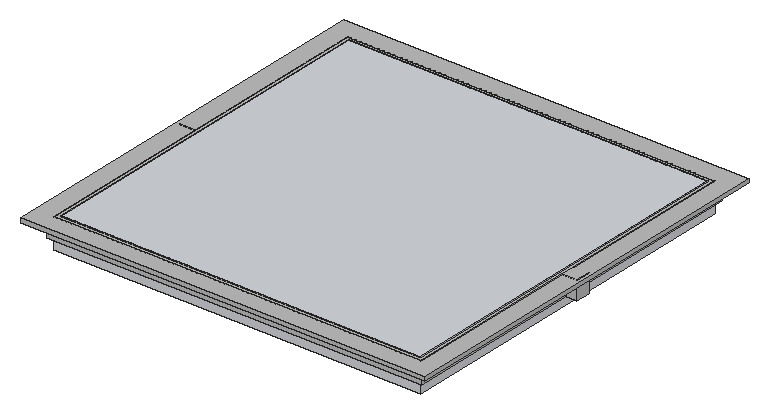
Revit family "Door_Access_Floor_Best_Access_Doors_BA-RRFD-T1-LiftOut", category Specialty Equipment, host Face, Revit 2017
Family settings
  Host = Face
  Round Connector Dimension = Use Diameter
  Part Type = Normal
  Cut with Voids When Loaded = No
  Shared = No
  Room Calculation Point = No
Parameters (values of type "24 x 24 Nom for Vinyl Tile or Carpet")
  halfswing = (Door Width / 2)  # 1' - 0 3/8"
  Warranty Duration (Years) = 0
  Unit Width = 2' - 0 3/4"
  Unit Weight = 36
  Unit Height = 2' - 0 3/4"
  Unit Depth = 0' - 2"
  URL = "https://www.bestaccessdoors.com/"
  Test Data = ""
  Standards Conformance = "as Specified"
  Specification = ""
  SpecWizard = ""
  Sales Information = ""
  Revision = "R1_2017-03"
  Product data url = "https://bimobject.com/best-access-doors/product/removable-floor-hatch-recessed-for-ceramic-tile-access-door"
  Product Properties = ""
  Product Data = ""
  Overall Width = 2' - 3 1/4"
  Overall Height = 2' - 3 1/4"
  Opening Width = Unit Width  # 2' - 0 3/4"
  Opening Height = Unit Height  # 2' - 0 3/4"
  Opening Depth [instance] = 1' - 0"
  Model = "BA-RRFD-18"
  Manufacturer = "Best Access Doors"  # constant formula
  Maintenance Schedule (Months) = 0
  Keynote = ""
  Installation-Fabrication = ""
  Installation Phase = ""
  Green Building-LEED = ""
  Floor Material [instance] = none
  Fixture Finish [instance] = Metal - Best Access Doors - Aluminum
  Expected Lifespan (Years) = 0
  Door Width = Overall Width - (0' 1 1/4" * 2)  # 2' - 0 3/4"
  Door Height = Overall Height - (0' 1 1/4" * 2)  # 2' - 0 3/4"
  Description = "Best Access Doors Lift Out Floor Access Door for Vinyl Tile or Carpet - BA-RRFD-18 as Specified"
  Default Elevation = 0' - 0"  # constant formula
  Construction Details = ""
  Clearance Material [instance] = Clearance
  Clear Opening Width = 2' - 0"
  Clear Opening Height = 2' - 0"
  Capacity = "150 lbs/sqft"
  Available Options [instance] = "as Specified"
  Assembly Code = ""
Types (8): name | halfswing | Unit Width | Unit Weight | Unit Height | Overall Width | Overall Height | Opening Width | Opening Height | Model | Door Width | Door Height | Description | Clear Opening Width | Clear Opening Height
  24 x 24 Nom for Tile or Concrete | 1' - 0 3/8" | 2' - 0 3/4" | 36 | 2' - 0 3/4" | 2' - 3 1/4" | 2' - 3 1/4" | 2' - 0 3/4" | 2' - 0 3/4" | "BA-RRFD-T1/BA-RRFD-C1" | 2' - 0 3/4" | 2' - 0 3/4" | "Best Access Doors Lift Out Floor Access Door for Tile or Concrete - BA-RRFD-T1/BA-RRFD-C1 as Specified" | 2' - 0" | 2' - 0"
  18 x 18 Nom for Tile or Concrete | 0' - 9 3/8" | 1' - 6 3/4" | 18 | 1' - 6 3/4" | 1' - 9 1/4" | 1' - 9 1/4" | 1' - 6 3/4" | 1' - 6 3/4" | "BA-RRFD-T1/BA-RRFD-C1" | 1' - 6 3/4" | 1' - 6 3/4" | "Best Access Doors Lift Out Floor Access Door for Tile or Concrete - BA-RRFD-T1/BA-RRFD-C1 as Specified" | 1' - 6" | 1' - 6"
  12 x 12 Nom for Tile or Concrete | 0' - 6 3/8" | 1' - 0 3/4" | 9 | 1' - 0 3/4" | 1' - 3 1/4" | 1' - 3 1/4" | 1' - 0 3/4" | 1' - 0 3/4" | "BA-RRFD-T1/BA-RRFD-C1" | 1' - 0 3/4" | 1' - 0 3/4" | "Best Access Doors Lift Out Floor Access Door for Tile or Concrete - BA-RRFD-T1/BA-RRFD-C1 as Specified" | 1' - 0" | 1' - 0"
  8 x 8 Nom for Tile or Concrete | 0' - 4 3/8" | 0' - 8 3/4" | 6 | 0' - 8 3/4" | 0' - 11 1/4" | 0' - 11 1/4" | 0' - 8 3/4" | 0' - 8 3/4" | "BA-RRFD-T1/BA-RRFD-C1" | 0' - 8 3/4" | 0' - 8 3/4" | "Best Access Doors Lift Out Floor Access Door for Tile or Concrete - BA-RRFD-T1/BA-RRFD-C1 as Specified" | 0' - 8" | 0' - 8"
  24 x 24 Nom for Vinyl Tile or Carpet | 1' - 0 3/8" | 2' - 0 3/4" | 36 | 2' - 0 3/4" | 2' - 3 1/4" | 2' - 3 1/4" | 2' - 0 3/4" | 2' - 0 3/4" | "BA-RRFD-18" | 2' - 0 3/4" | 2' - 0 3/4" | "Best Access Doors Lift Out Floor Access Door for Vinyl Tile or Carpet - BA-RRFD-18 as Specified" | 2' - 0" | 2' - 0"
  18 x 18 Nom for Vinyl Tile or Carpet | 0' - 9 3/8" | 1' - 6 3/4" | 18 | 1' - 6 3/4" | 1' - 9 1/4" | 1' - 9 1/4" | 1' - 6 3/4" | 1' - 6 3/4" | "BA-RRFD-18" | 1' - 6 3/4" | 1' - 6 3/4" | "Best Access Doors Lift Out Floor Access Door for Vinyl Tile or Carpet - BA-RRFD-18 as Specified" | 1' - 6" | 1' - 6"
  12 x 12 Nom for Vinyl Tile or Carpet | 0' - 6 3/8" | 1' - 0 3/4" | 9 | 1' - 0 3/4" | 1' - 3 1/4" | 1' - 3 1/4" | 1' - 0 3/4" | 1' - 0 3/4" | "BA-RRFD-18" | 1' - 0 3/4" | 1' - 0 3/4" | "Best Access Doors Lift Out Floor Access Door for Vinyl Tile or Carpet - BA-RRFD-18 as Specified" | 1' - 0" | 1' - 0"
  8 x 8 Nom for Vinyl Tile or Carpet | 0' - 4 3/8" | 0' - 8 3/4" | 6 | 0' - 8 3/4" | 0' - 11 1/4" | 0' - 11 1/4" | 0' - 8 3/4" | 0' - 8 3/4" | "BA-RRFD-18" | 0' - 8 3/4" | 0' - 8 3/4" | "Best Access Doors Lift Out Floor Access Door for Vinyl Tile or Carpet - BA-RRFD-18 as Specified" | 0' - 8" | 0' - 8"
Reference planes (in)
  plane 1 "Center (Front/Back)": y = 1.28343
  plane 2: z = 0
  plane 3 "Center (Left/Right)": x = 0
  plane 4: y = 13.65843
  plane 5: y = -11.09157
  plane 6: x = -12.375
  plane 7: x = 12.375
  plane 8: z = 0
  plane 9: y = 14.90843
  plane 10: y = -12.34157
  plane 11: x = -13.625
  plane 12: x = 13.625
  plane 13: z = -2
  plane 14: x = -12.375
  plane 15: x = 12.375
  plane 16: y = 13.65843
  plane 17: y = -11.09157
  plane 18: z = -12
  plane 19: y = -11.09157
  plane 20: y = 13.65843
  plane 21: x = -12.375
  plane 22: x = 12.375
Forms (in)
  Extrusion 1, void
    sketch origin (0, 0, 0) x (1, 0, 0) y (0, 1, 0)
      loop
        line (-12.375, 13.65843) -> (-12.375, -11.09157) -> (12.375, -11.09157) -> (12.375, 13.65843) -> (-12.375, 13.65843)
    from -12 to 0
  Sweep 2, solid, material "Metal - Best Access Doors - Aluminum" <- "Fixture Finish"
    path origin (0, 0, 0) x (1, 0, 0) y (0, 1, 0)
      loop
        line (-13.625, 14.90843) -> (-13.625, -12.34157) -> (13.625, -12.34157) -> (13.625, 14.90843) -> (-13.625, 14.90843)
    profile origin (0, 14.90843, 0) x (0, 1, 0) y (0, 0, 1)
      loop
        line (-1.25, 0) -> (-1.25, -1.25) -> (-1, -1.25) -> (-1, -0.25) -> (0, -0.25) -> (0, 0) -> (-1.25, 0)
  Extrusion 3, solid, material "Metal - Best Access Doors - Aluminum" <- "Fixture Finish"
    sketch origin (0, 0, 0) x (1, 0, 0) y (0, 1, 0)
      loop
        line (-12.375, 13.65843) -> (-12.375, -11.09157) -> (12.375, -11.09157) -> (12.375, 13.65843) -> (-12.375, 13.65843)
      loop
        line (12.125, 13.40843) -> (-12.125, 13.40843) -> (-12.125, -10.84157) -> (12.125, -10.84157) -> (12.125, 13.40843)
    from 0 to -0.25
  Extrusion 4, solid, material "Metal - Best Access Doors - Aluminum" <- "Fixture Finish"
    sketch origin (0, 0, 0) x (1, 0, 0) y (0, 1, 0)
      loop
        line (-12.125, 13.40843) -> (-12.125, -10.84157) -> (12.125, -10.84157) -> (12.125, 13.40843) -> (-12.125, 13.40843)
    from -0.85435 to -0.25
  Sweep 5, void
    path origin (0, 0, 0) x (1, 0, 0) y (0, 1, 0)
      loop
        line (-13.625, 14.90843) -> (-13.625, -12.34157) -> (13.625, -12.34157) -> (13.625, 14.90843) -> (-13.625, 14.90843)
    profile origin (0, 14.90843, 0) x (0, 1, 0) y (0, 0, 1)
      loop
        line (0, 0) -> (-1.25, 0) -> (-1.25, -1.25) -> (-1, -1.25) -> (-1, -0.25) -> (0, -0.25) -> (0, 0)
  Extrusion 6, solid, material <- "Floor Material"
    sketch origin (0, 0, 0) x (1, 0, 0) y (0, 1, 0)
      loop
        line (-12.125, 13.40843) -> (-12.125, -10.84157) -> (12.125, -10.84157) -> (12.125, 13.40843) -> (-12.125, 13.40843)
    from 0 to -0.25
  Extrusion 7, solid, material "Metal - Best Access Doors - Aluminum" <- "Fixture Finish"
    sketch origin (0, 0, 0) x (1, 0, 0) y (0, 1, 0)
      loop
        line (-12.375, 0.78343) -> (-12.375, 1.78343) -> (-13.375, 1.78343) -> (-13.375, 0.78343) -> (-12.375, 0.78343)
      loop
        line (12.375, 0.78343) -> (13.375, 0.78343) -> (13.375, 1.78343) -> (12.375, 1.78343) -> (12.375, 0.78343)
    from -1.25 to 0
  Extrusion 8, solid
    sketch origin (0, 0, 0) x (1, 0, 0) y (0, 1, 0)
      loop
        line (-12.375, 13.65843) -> (-12.375, -11.09157) -> (12.375, -11.09157) -> (12.375, 13.65843) -> (-12.375, 13.65843)
      loop
        line (-12, -10.71657) -> (12, -10.71657) -> (12, 13.28343) -> (-12, 13.28343) -> (-12, -10.71657)
    from -0.85435 to -2
Cuts and joins
  joined: Extrusion 3, Extrusion 7
Dimensions and locks (in)
  locked: plane 8 to level
  equal spacing: plane 4, plane 1 "Center (Front/Back)", plane 5
  "Unit Height": plane 4 to plane 5
  equal spacing: plane 6, plane 3 "Center (Left/Right)", plane 7
  "Unit Width": plane 6 to plane 7
  equal spacing: plane 11, plane 3 "Center (Left/Right)", plane 12
  equal spacing: plane 9, plane 1 "Center (Front/Back)", plane 10
  "Overall Width": plane 11 to plane 12
  "Overall Height": plane 9 to plane 10
  "Unit Depth": plane 8 to plane 13
  equal spacing: plane 16, plane 1 "Center (Front/Back)", plane 17
  equal spacing: plane 14, plane 3 "Center (Left/Right)", plane 15
  "Opening Width": plane 14 to plane 15
  "Opening Height": plane 16 to plane 17
  "Opening Depth": level to plane 18
  locked: Extrusion 3 sketch curve to plane 10 at 1.25
  locked: plane 9 to Extrusion 3 sketch curve at 1.25
  locked: plane 11 to Extrusion 3 sketch curve at 1.25
  locked: Extrusion 3 sketch curve to plane 12 at 1.25
  locked: plane 9 to Extrusion 4 sketch curve at 1.5
  locked: Extrusion 4 sketch curve to plane 10 at 1.5
  locked: plane 11 to Extrusion 4 sketch curve at 1.5
  locked: Extrusion 4 sketch curve to plane 12 at 1.5
  locked: plane 11 to Extrusion 6 sketch curve at 1.5
  locked: Extrusion 6 sketch curve to plane 12 at 1.5
  locked: plane 9 to Extrusion 6 sketch curve at 1.5
  locked: Extrusion 6 sketch curve to plane 10 at 1.5
  locked: plane 19 to plane 10 at 1.25
  locked: plane 9 to plane 20 at 1.25
  locked: plane 11 to plane 21 at 1.25
  locked: plane 22 to plane 12 at 1.25
  plane 11 to Extrusion 7 sketch curve to Extrusion 7 sketch curve = 0' - 0 1/4" locked, 0' - 1" locked
  Extrusion 7 sketch curve to Extrusion 7 sketch curve to plane 12 = 0' - 1" locked, 0' - 0 1/4" locked
  locked: plane 9 to Extrusion 8 sketch curve at 1.625
  locked: Extrusion 8 sketch curve to plane 10 at 1.625
  locked: plane 11 to Extrusion 8 sketch curve at 1.625
  locked: Extrusion 8 sketch curve to plane 12 at 1.625
  aligned and locked: host face to plane 2
  aligned and locked: host face to level
  aligned and locked: Extrusion 1 sketch curve to plane 16
  aligned and locked: plane 14 to Extrusion 1 sketch curve
  aligned and locked: plane 17 to Extrusion 1 sketch curve
  aligned and locked: Extrusion 1 sketch curve to plane 15
  aligned and locked: Extrusion 1 to plane 18
  aligned and locked: plane 8 to Extrusion 1
  aligned and locked: Sweep 2 sketch curve to plane 9
  aligned and locked: plane 11 to Sweep 2 sketch curve
  aligned and locked: plane 10 to Sweep 2 sketch curve
  aligned and locked: Sweep 2 sketch curve to plane 12
  aligned and locked: plane 10 to Sweep 5 sketch curve
  aligned and locked: Sweep 5 sketch curve to plane 12
  aligned and locked: Extrusion 8 sketch curve to Sweep 2  (x3)
  aligned and locked: plane 6 to Extrusion 8 sketch curve
  aligned and locked: Extrusion 8 to plane 13
Automatic sketch dimensions
  host sketch curve to host sketch curve = 12' - 11.75605"
  host sketch curve to host sketch curve = 12' - 7.74281"
  Extrusion 3 sketch curve to plane 21 = 0' - 0 1/4"
  plane 22 to Extrusion 3 sketch curve = 0' - 0 1/4"
  Extrusion 3 sketch curve to plane 19 = 0' - 0 1/4"
  plane 20 to Extrusion 3 sketch curve = 0' - 0 1/4"
  Sweep 5 sketch curve to plane 11 = 0' - 0"
  Sweep 5 sketch curve to plane 9 = 0' - 0"
  Sweep 5 sketch curve to level = 0' - 0"
  Sweep 5 sketch curve to profile plane = 0' - 0"
  Sweep 5 sketch curve to level = 0' - 0 1/4"
  profile plane to Sweep 5 sketch curve = 0' - 1"
  Sweep 5 sketch curve to Sweep 5 sketch curve = 0' - 0 1/4"
  Sweep 5 sketch curve to Sweep 5 sketch curve = 0' - 1"
  Sweep 2 sketch curve to level = 0' - 0"
  Sweep 2 sketch curve to profile plane = 0' - 0"
  profile plane to Sweep 2 sketch curve = 0' - 1"
  Sweep 2 sketch curve to Sweep 2 sketch curve = 0' - 0 1/4"  (x2)
  Sweep 2 sketch curve to Sweep 2 sketch curve = 0' - 1"
  plane 1 "Center (Front/Back)" to Extrusion 7 sketch curve = 0' - 0 1/2"  (x2)
  Extrusion 7 sketch curve to plane 1 "Center (Front/Back)" = 0' - 0 1/2"  (x2)
